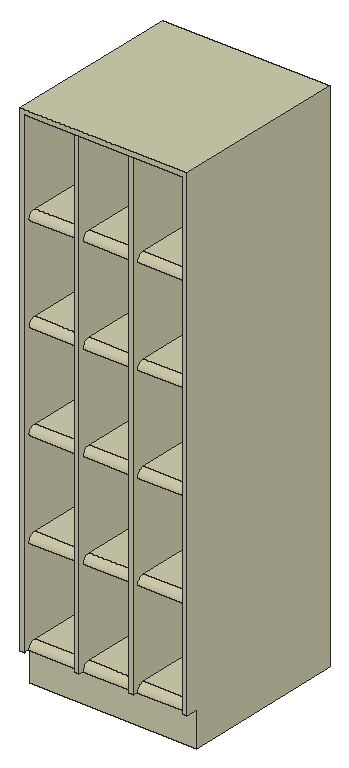
Revit family "Wenger Cabinet 02", category Furniture, Revit 2011
Parameters (values of type "Standard Cabinet #2")
  URL = "http://www.wengercorp.com/Home/Contact.html"
  Toekick Material [instance] = none
  RH End Panel [instance] = no
  Model = "02"
  Manufacturer = "Wenger Corporation"
  LH End Panel [instance] = no
  End Panel Material [instance] = none
  Edge Banding Material [instance] = none
  Door Material [instance] = none
  Description = "Standard Cabinet #2"
  Cabinet Width = 2' - 3 1/2"
  Cabinet Label = Labels : Standard
  Cabinet Height = 7' - 1 5/8"
  Cabinet Depth = 2' - 5 1/4"
  Cabinet Back Thickness = 0' - 0 3/4"
  Assembly Code = ""
Types (4): name | Model | Description | Cabinet Width | Cabinet Label | Cabinet Depth | Cabinet Back Thickness
  Standard Cabinet #2 | "02" | "Standard Cabinet #2" | 2' - 3 1/2" | Labels : Standard | 2' - 5 1/4" | 0' - 0 3/4"
  Acoustic Cabinet #2 | "02A" | "Acoustic Cabinet #2" | 2' - 3 1/2" | Labels : Acoustic | 2' - 7 3/4" | 0' - 3 1/4"
  Narrow Cabinet #2 | "02N" | "Narrow Cabinet #2" | 1' - 9 1/2" | Labels : Narrow | 2' - 5 1/4" | 0' - 0 3/4"
  Narrow Acoustic Cabinet #2 | "02NA" | "Narrow Acoustic Cabinet #2" | 1' - 9 1/2" | Labels : Narrow Acoustic | 2' - 7 3/4" | 0' - 3 1/4"
Reference planes (in)
  plane 1 "Front": y = 0
  plane 2: z = 0
  plane 3 "Left": x = 0
  plane 4 "Right": x = 27.5
  plane 5 "Back": y = 29.25
  plane 6 "Top": z = 85.625
  plane 7: z = 5.625
  plane 8: z = 21.475
  plane 9: z = 37.325
  plane 10: z = 53.175
  plane 11: z = 69.025
  plane 12: x = 0.75
  plane 13: x = 26.75
  plane 14: z = 84.875
  plane 15: x = 8.91667
  plane 16: x = 9.66667
  plane 17: x = 17.83333
  plane 18: x = 18.58333
  plane 19: y = 28.5
  plane 20: y = 2
  plane 21: y = 0.75
  plane 22: z = 22.6
  plane 23: z = 38.45
  plane 24: z = 54.3
  plane 25: z = 70.15
  plane 26: z = 6.75
Forms (in)
  Extrusion 1, solid, material "Wenger - Oyster"
    sketch origin (0, 0, 0) x (0, 1, 0) y (0, 0, 1)
      loop
        line (0, 85.625) -> (0, 5.625) -> (2, 5.625) -> (2, 0) -> (29.25, 0) -> (29.25, 85.625) -> (0, 85.625)
    from 0 to 27.5
  Extrusion 2, void
    sketch origin (0, 0, 0) x (0, 1, 0) y (0, 0, 1)
      loop
        line (-5.5, 84.875) -> (-5.5, 5.625) -> (0.75, 5.625)
        arc (0.75, 5.625) -> (1.18296, 6.40088) -> (2, 6.75) r 1.375
        line (2, 6.75) -> (28.5, 6.75) -> (28.5, 21.475) -> (0.75, 21.475)
        arc (0.75, 21.475) -> (1.18296, 22.25088) -> (2, 22.6) r 1.375
        line (2, 22.6) -> (28.5, 22.6) -> (28.5, 37.325) -> (0.75, 37.325)
        arc (0.75, 37.325) -> (1.18296, 38.10088) -> (2, 38.45) r 1.375
        line (2, 38.45) -> (28.5, 38.45) -> (28.5, 53.175) -> (0.75, 53.175)
        arc (0.75, 53.175) -> (1.18296, 53.95088) -> (2, 54.3) r 1.375
        line (2, 54.3) -> (28.5, 54.3) -> (28.5, 69.025) -> (0.75, 69.025)
        arc (0.75, 69.025) -> (1.18296, 69.80088) -> (2, 70.15) r 1.375
        line (2, 70.15) -> (28.5, 70.15) -> (28.5, 84.875) -> (-5.5, 84.875)
    from 0.75 to 8.91667
  Extrusion 3, void
    sketch origin (0, 0, 0) x (0, 1, 0) y (0, 0, 1)
      loop
        line (-5.5, 84.875) -> (-5.5, 5.625) -> (0.75, 5.625)
        arc (0.75, 5.625) -> (1.18296, 6.40088) -> (2, 6.75) r 1.375
        line (2, 6.75) -> (28.5, 6.75) -> (28.5, 21.475) -> (0.75, 21.475)
        arc (0.75, 21.475) -> (1.18296, 22.25088) -> (2, 22.6) r 1.375
        line (2, 22.6) -> (28.5, 22.6) -> (28.5, 37.325) -> (0.75, 37.325)
        arc (0.75, 37.325) -> (1.18296, 38.10088) -> (2, 38.45) r 1.375
        line (2, 38.45) -> (28.5, 38.45) -> (28.5, 53.175) -> (0.75, 53.175)
        arc (0.75, 53.175) -> (1.18296, 53.95088) -> (2, 54.3) r 1.375
        line (2, 54.3) -> (28.5, 54.3) -> (28.5, 69.025) -> (0.75, 69.025)
        arc (0.75, 69.025) -> (1.18296, 69.80088) -> (2, 70.15) r 1.375
        line (2, 70.15) -> (28.5, 70.15) -> (28.5, 84.875) -> (-5.5, 84.875)
    from 9.66667 to 17.83333
  Extrusion 4, void
    sketch origin (0, 0, 0) x (0, 1, 0) y (0, 0, 1)
      loop
        line (-5.5, 84.875) -> (-5.5, 5.625) -> (0.75, 5.625)
        arc (0.75, 5.625) -> (1.18296, 6.40088) -> (2, 6.75) r 1.375
        line (2, 6.75) -> (28.5, 6.75) -> (28.5, 21.475) -> (0.75, 21.475)
        arc (0.75, 21.475) -> (1.18296, 22.25088) -> (2, 22.6) r 1.375
        line (2, 22.6) -> (28.5, 22.6) -> (28.5, 37.325) -> (0.75, 37.325)
        arc (0.75, 37.325) -> (1.18296, 38.10088) -> (2, 38.45) r 1.375
        line (2, 38.45) -> (28.5, 38.45) -> (28.5, 53.175) -> (0.75, 53.175)
        arc (0.75, 53.175) -> (1.18296, 53.95088) -> (2, 54.3) r 1.375
        line (2, 54.3) -> (28.5, 54.3) -> (28.5, 69.025) -> (0.75, 69.025)
        arc (0.75, 69.025) -> (1.18296, 69.80088) -> (2, 70.15) r 1.375
        line (2, 70.15) -> (28.5, 70.15) -> (28.5, 84.875) -> (-5.5, 84.875)
    from 18.58333 to 26.75
  Extrusion 5, void
    sketch origin (0, 0, 0) x (0, 1, 0) y (0, 0, 1)
      loop
        line (0, 84.875) -> (0, 5.625) -> (0.0625, 5.625) -> (0.0625, 84.875) -> (0, 84.875)
    from 0.75 to 26.75
Cuts and joins
  Extrusion 2, Extrusion 3, Extrusion 4, Extrusion 5 cuts Extrusion 1
Lines and regions (in)
  symbolic lines
    curve 1: line (0, 29.25, 0) -> (27.5, 29.25, 0)
    curve 2: line (0, 0, 0) -> (0, 29.25, 0)
    curve 3: line (27.5, 0, 0) -> (0, 0, 0)
    curve 4: line (27.5, 29.25, 0) -> (27.5, 0, 0)
Dimensions and locks (in)
  locked: plane 3 "Left" to plane 12 at 0.75
  locked: plane 15 to plane 16 at 0.75
  locked: plane 17 to plane 18 at 0.75
  locked: plane 13 to plane 4 "Right" at 0.75
  "Cabinet Back Thickness": plane 5 "Back" to plane 19
  locked: plane 1 "Front" to plane 21 at 0.75
  locked: plane 1 "Front" to plane 20 at 2
  locked: plane 22 to plane 8 at 1.125
  locked: plane 23 to plane 9 at 1.125
  locked: plane 24 to plane 10 at 1.125
  locked: plane 25 to plane 11 at 1.125
  locked: plane 6 "Top" to plane 14 at 0.75
  equal spacing: plane 14, plane 11, plane 10, plane 9, plane 8, plane 7
  locked: plane 26 to plane 7 at 1.125
  equal spacing: plane 13, plane 17, plane 15, plane 3 "Left"
  "Cabinet Width": plane 3 "Left" to plane 4 "Right"
  locked: plane 7 to level at 5.625
  "Cabinet Height": plane 6 "Top" to level
  "Cabinet Depth": plane 1 "Front" to plane 5 "Back"
  plane 12 to plane 13 = 2' - 2"
  plane 14 to plane 7 = 6' - 7 1/4"
  aligned and locked: Extrusion 1 sketch curve to plane 6 "Top"
  aligned and locked: Extrusion 1 sketch curve to plane 5 "Back"
  aligned and locked: Extrusion 1 sketch curve to plane 1 "Front"
  aligned and locked: Extrusion 1 sketch curve to plane 7
  aligned and locked: Extrusion 1 sketch curve to plane 20
  aligned and locked: Extrusion 1 sketch curve to level
  aligned and locked: Extrusion 1 to plane 4 "Right"
  aligned and locked: Extrusion 1 to plane 3 "Left"
  aligned and locked: Extrusion 2 sketch curve to plane 14
  aligned and locked: Extrusion 2 sketch curve to plane 19
  aligned and locked: Extrusion 2 sketch curve to plane 11
  aligned and locked: Extrusion 2 sketch curve to plane 24
  aligned and locked: Extrusion 2 sketch curve to plane 10
  aligned and locked: Extrusion 2 sketch curve to plane 23
  aligned and locked: Extrusion 2 sketch curve to plane 9
  aligned and locked: Extrusion 2 sketch curve to plane 22
  aligned and locked: Extrusion 2 sketch curve to plane 8
  aligned and locked: Extrusion 2 sketch curve to plane 26
  aligned and locked: Extrusion 2 sketch curve to plane 25
  aligned and locked: Extrusion 2 to plane 12
  aligned and locked: plane 15 to Extrusion 2
  aligned and locked: plane 17 to Extrusion 3
  aligned and locked: Extrusion 3 to plane 16
  aligned and locked: Extrusion 4 to plane 13
  aligned and locked: Extrusion 4 to plane 18
  aligned and locked: Extrusion 5 sketch curve to cut or joined group of Extrusion 1, Extrusion 2, Extrusion 3, Extrusion 4, Extrusion 5  (x3)
  aligned and locked: Extrusion 5 to plane 13
  aligned and locked: Extrusion 5 to plane 12
  aligned and locked: plane 3 "Left" to curve 2
  aligned and locked: curve 1 to plane 5 "Back"
  aligned and locked: plane 4 "Right" to curve 4
  aligned and locked: curve 3 to plane 1 "Front"
Automatic sketch dimensions
  Extrusion 2 sketch curve to plane 7 = 0' - 0"
  Extrusion 2 sketch curve to plane 21 = 0' - 0"  (x5)
  Extrusion 2 sketch curve to plane 20 = 0' - 0"  (x5)
  Extrusion 2 sketch curve to plane 19 = 0' - 0"  (x4)
  plane 1 "Front" to Extrusion 2 sketch curve = 0' - 5 1/2"
  Extrusion 2 sketch curve to plane 20 = 0' - 0.10279"  (x5)
  Extrusion 3 sketch curve to plane 14 = 0' - 0"
  Extrusion 3 sketch curve to plane 7 = 0' - 0"
  Extrusion 3 sketch curve to plane 21 = 0' - 0"  (x5)
  Extrusion 3 sketch curve to plane 11 = 0' - 0"
  Extrusion 3 sketch curve to plane 8 = 0' - 0"
  Extrusion 3 sketch curve to plane 10 = 0' - 0"
  Extrusion 3 sketch curve to plane 9 = 0' - 0"
  Extrusion 3 sketch curve to plane 20 = 0' - 0"  (x5)
  Extrusion 3 sketch curve to plane 19 = 0' - 0"  (x5)
  Extrusion 3 sketch curve to plane 26 = 0' - 0"
  Extrusion 3 sketch curve to plane 22 = 0' - 0"
  Extrusion 3 sketch curve to plane 23 = 0' - 0"
  Extrusion 3 sketch curve to plane 24 = 0' - 0"
  Extrusion 3 sketch curve to plane 25 = 0' - 0"
  plane 1 "Front" to Extrusion 3 sketch curve = 0' - 5 1/2"
  Extrusion 3 sketch curve to plane 20 = 0' - 0.10279"  (x5)
  Extrusion 4 sketch curve to plane 14 = 0' - 0"
  Extrusion 4 sketch curve to plane 7 = 0' - 0"
  Extrusion 4 sketch curve to plane 21 = 0' - 0"  (x5)
  Extrusion 4 sketch curve to plane 11 = 0' - 0"
  Extrusion 4 sketch curve to plane 8 = 0' - 0"
  Extrusion 4 sketch curve to plane 10 = 0' - 0"
  Extrusion 4 sketch curve to plane 9 = 0' - 0"
  Extrusion 4 sketch curve to plane 20 = 0' - 0"  (x5)
  Extrusion 4 sketch curve to plane 19 = 0' - 0"  (x5)
  Extrusion 4 sketch curve to plane 26 = 0' - 0"
  Extrusion 4 sketch curve to plane 22 = 0' - 0"
  Extrusion 4 sketch curve to plane 23 = 0' - 0"
  Extrusion 4 sketch curve to plane 24 = 0' - 0"
  Extrusion 4 sketch curve to plane 25 = 0' - 0"
  plane 1 "Front" to Extrusion 4 sketch curve = 0' - 5 1/2"
  Extrusion 4 sketch curve to plane 20 = 0' - 0.10279"  (x5)
  plane 21 to Extrusion 5 sketch curve = 0' - 0 11/16"
Nested families (in)
  nested 1: "LH End Panel" at (0, 14.25, 0) x (0, -1, 0) z (0, 0, 1), End Panel Material <- "End Panel Material", visible <- "LH End Panel", Edge Banding Material <- "Edge Banding Material", type "20x84 LH"
    with End Panel Material none, Edge Banding Material none, End Panel Depth 2' - 5 1/4"
  nested 2: "RH End Panel" at (28.25, 14.25, 0) x (0, -1, 0) z (0, 0, 1), End Panel Material <- "End Panel Material", visible <- "RH End Panel", Edge Banding Material <- "Edge Banding Material", type "20x84 RH"
    with End Panel Material none, Edge Banding Material none, End Panel Depth 2' - 5 1/4"
  nested 3: "No Door" at (0.75, 0, 5.625), type "No Door"
  nested 4: "No Door" at (9.66667, 0, 5.625), type "No Door"
  nested 5: "No Door" at (18.58333, 0, 5.625), type "No Door"
  nested 6: "No Door" at (0.75, 0, 21.475), type "No Door"
  nested 7: "No Door" at (9.66667, 0, 21.475), type "No Door"
  nested 8: "No Door" at (18.58333, 0, 21.475), type "No Door"
  nested 9: "No Door" at (0.75, 0, 37.325), type "No Door"
  nested 10: "No Door" at (9.66667, 0, 37.325), type "No Door"
  nested 11: "No Door" at (18.58333, 0, 37.325), type "No Door"
  nested 12: "No Door" at (0.75, 0, 53.175), type "No Door"
  nested 13: "No Door" at (9.66667, 0, 53.175), type "No Door"
  nested 14: "No Door" at (18.58333, 0, 53.175), type "No Door"
  nested 15: "No Door" at (0.75, 0, 69.025), type "No Door"
  nested 16: "No Door" at (9.66667, 0, 69.025), type "No Door"
  nested 17: "No Door" at (18.58333, 0, 69.025), type "No Door"
  nested 18: "No Door" at (0.75, 0, 5.625), type "No Door", not visible
  nested 19: "Labels" at (11.03617, 12.00298, 0), type <- "Cabinet Label", type "Standard"
  nested 20: "Front Note" at (11.3199, 0.75, 0), type "Front Note", detail levels medium+fine
Definition of nested family "LH End Panel"
  Parameters (values of type "20x84 LH")
    End Panel Material [instance] = none
    End Panel Height = 7' - 1 5/8"
    End Panel Depth = 1' - 7 1/4"
    Edge Banding Material [instance] = none
    Default Elevation = 4' - 0"
    Assembly Code = ""
  Reference planes (in)
    plane 1 "Center (Front/Back)": y = 0
    plane 2: z = 0
    plane 3 "Center (Left/Right)": x = 0
    plane 4: x = -15
    plane 5: x = 4.25
    plane 6: z = 5.625
    plane 7: x = 2.25
    plane 8: z = 85.625
    plane 9: y = -0.75
  Forms (in)
    Extrusion 1, solid, material <- "End Panel Material"
      sketch origin (0, 0, 0) x (1, 0, 0) y (0, 0, 1)
        loop
          line (-15, 85.625) -> (-15, 0) -> (2.25, 0) -> (2.25, 5.625) -> (4.25, 5.625) -> (4.25, 85.625) -> (-15, 85.625)
      from 0 to 0.75
  Dimensions and locks (in)
    locked: plane 7 to plane 5 at 2
    locked: plane 6 to level at 5.625
    "End Panel Height": plane 8 to level
    "End Panel Depth": plane 5 to plane 4
    locked: plane 9 to plane 1 "Center (Front/Back)" at 0.75
    aligned and locked: plane 4 to Extrusion 1 sketch curve
    aligned and locked: level to Extrusion 1 sketch curve
    aligned and locked: plane 7 to Extrusion 1 sketch curve
    aligned and locked: plane 6 to Extrusion 1 sketch curve
    aligned and locked: Extrusion 1 sketch curve to plane 5
    aligned and locked: Extrusion 1 sketch curve to plane 8
    aligned and locked: Extrusion 1 to plane 9
    aligned and locked: Extrusion 1 to plane 1 "Center (Front/Back)"
Definition of nested family "RH End Panel"
  Parameters (values of type "20x84 RH")
    End Panel Material [instance] = none
    End Panel Height = 7' - 1 5/8"
    End Panel Depth = 1' - 7 1/4"
    Edge Banding Material [instance] = none
    Default Elevation = 4' - 0"
    Assembly Code = ""
  Reference planes (in)
    plane 1 "Center (Front/Back)": y = 0
    plane 2: z = 0
    plane 3 "Center (Left/Right)": x = 0
    plane 4: x = -15
    plane 5: x = 4.25
    plane 6: z = 5.625
    plane 7: x = 2.25
    plane 8: z = 85.625
    plane 9: y = -0.75
  Forms (in)
    Extrusion 1, solid, material <- "End Panel Material"
      sketch origin (0, 0, 0) x (1, 0, 0) y (0, 0, 1)
        loop
          line (-15, 85.625) -> (-15, 0) -> (2.25, 0) -> (2.25, 5.625) -> (4.25, 5.625) -> (4.25, 85.625) -> (-15, 85.625)
      from 0 to 0.75
  Dimensions and locks (in)
    locked: plane 7 to plane 5 at 2
    locked: plane 6 to level at 5.625
    "End Panel Height": plane 8 to level
    "End Panel Depth": plane 5 to plane 4
    locked: plane 9 to plane 1 "Center (Front/Back)" at 0.75
    aligned and locked: plane 4 to Extrusion 1 sketch curve
    aligned and locked: level to Extrusion 1 sketch curve
    aligned and locked: plane 7 to Extrusion 1 sketch curve
    aligned and locked: plane 6 to Extrusion 1 sketch curve
    aligned and locked: Extrusion 1 sketch curve to plane 5
    aligned and locked: Extrusion 1 sketch curve to plane 8
    aligned and locked: Extrusion 1 to plane 9
    aligned and locked: Extrusion 1 to plane 1 "Center (Front/Back)"
Definition of nested family "No Door"
  Parameters (values of type "No Door")
    Door Material = none
    Default Elevation = 4' - 0"
  Reference planes (in)
    plane 1 "Center (Front/Back)": y = 0
    plane 2: z = 0
    plane 3 "Center (Left/Right)": x = 0
Definition of nested family "Labels"
  Parameters (values of type "Standard")
    Cabinet Label = "01"
  Types (4): name | Cabinet Label
    Standard | "01"
    Narrow | "01N"
    Narrow Acoustic | "01NA"
    Acoustic | "01A"
  Reference planes (in)
    plane 1: y = 0
    plane 2: x = 0
  Text (in)
    label "xxxx" at (-0.00018, 0.00754, 0), shows "Cabinet Label"
Definition of nested family "Front Note"
  Parameters (values of type "Front Note")
    Cabinet Label = "Front"
  Reference planes (in)
    plane 1: y = 0
    plane 2: x = 0
  Text (in)
    label "Front" at (-0.00018, 0.00754, 0), shows "Cabinet Label"
